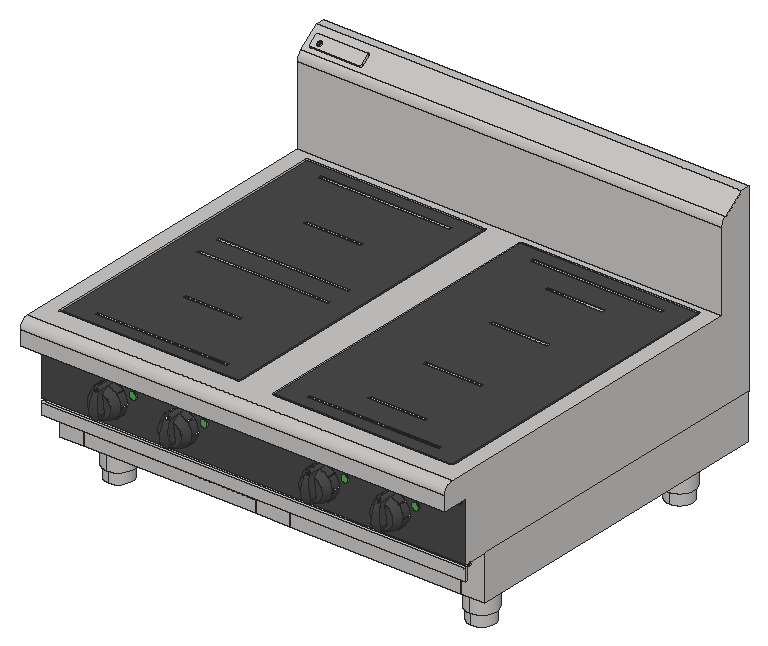
Revit family "QF_Moffat_INB8400R5F-B_Induction_Cooktop_cat", category Specialty Equipment, Revit 2019
Family settings
  Round Connector Dimension = Use Diameter
  Part Type = Normal
  Work Plane-Based = No
  Always vertical = Yes
  Cut with Voids When Loaded = No
  Shared = No
  Room Calculation Point = No
Parameters (values of type "INB8400R5F-B_415/60/3")
  Weight in Kilograms = 105
  Watts = 20000 W
  Volts = 415 V
  URL Cutsheet = ""
  Specification by User = ""
  Specification by Manufacturer = ""
  Show Logo [instance] = yes
  Serial Number = ""
  Seismic Rating = ""
  SMACNA No = ""
  Revision Code = ""
  Phase = 3
  Number of Poles = 1
  NAFEM Spec ID Number = ""
  Model = "INB8400R5F-B"
  Min Ckt Ampacity = 0 A
  Max Overcurrent Protection = 0 A
  Masterspec = ""
  Manufacturer = "Moffat"
  Length = 900 mm
  Item Number = ""
  Installed By = ""
  Identify Quantity as Lot = yes
  Height = 570 mm
  HP = ""
  Furnished By = ""
  Foodservice Equipment Identifier = yes
  FL Amps = 28 A
  Electrical Remarks = ""
  Electric Connection Type = ""
  Elec Conn RI Height = 0 mm
  Elec Conn Connection Height = 0 mm
  Description = "Induction Cooktop"
  Depth = 805 mm
  Cycle = 60 Hz
  Conn Plug = ""
  Conn Conduit = yes
  CSI MasterFormat = ""
  Apparent Power = if(Phase = 3, Volts * FL Amps * 1.73, Volts * FL Amps)  # 20102.6 VA
Reference planes
  plane 1 "BACK": y = 0
  plane 2: z = 0
  plane 3 "LEFT": x = 0
  plane 4 "RIGHT": x = 900
  plane 5 "FRONT": y = -805
  plane 6 "TOP": z = 570
  plane 7 "Center Y": x = 450
  plane 8 "Center X": y = -402.5
  plane 9: x = 65.5
  plane 10: y = -30
  plane 11: x = 770
  plane 12: z = 85
  plane 13: y = -100
  plane 14: y = -625
  plane 15: y = -70
  plane 16: z = 355
  plane 17: z = 75
  plane 18: x = 834.5
Forms (mm)
  Extrusion 1, solid, material "QF_Metal_Stainless_Polished"
    sketch origin (0, 0, 0) x (0, 1, 0) y (0, 0, 1)
      loop
        line (0, 180) -> (0, 570) -> (-18.182, 570) -> (-60.863, 538.99)
        arc (-60.863, 538.99) -> (-67.584, 531.121) -> (-70, 521.058) r 22.165
        line (-70, 521.058) -> (-70, 355) -> (-784.417, 355)
        arc (-784.417, 355) -> (-798.971, 348.971) -> (-805, 334.417) r 20.583
        line (-805, 334.417) -> (-805, 305) -> (-749, 305) -> (-749, 180) -> (0, 180)
    from 0 to 900
  Extrusion 2, void
    sketch origin (0, -784.171, 355) x (0, 1, 0) y (-1, 0, 0)
      loop
        arc (699.341, -37.323) -> (697.584, -33.08) -> (693.341, -31.323) r 6
        line (693.341, -31.323) -> (45.245, -31.323)
        arc (45.245, -31.323) -> (41.002, -33.08) -> (39.245, -37.323) r 6
        line (39.245, -37.323) -> (39.245, -410.105)
        arc (39.245, -410.105) -> (41.002, -414.347) -> (45.245, -416.105) r 6
        line (45.245, -416.105) -> (693.341, -416.105)
        arc (693.341, -416.105) -> (697.584, -414.347) -> (699.341, -410.105) r 6
        line (699.341, -410.105) -> (699.341, -37.323)
      loop
        line (699.341, -862.677) -> (699.341, -489.895)
        arc (699.341, -489.895) -> (697.584, -485.653) -> (693.341, -483.895) r 6
        line (693.341, -483.895) -> (45.245, -483.895)
        arc (45.245, -483.895) -> (41.002, -485.653) -> (39.245, -489.895) r 6
        line (39.245, -489.895) -> (39.245, -862.677)
        arc (39.245, -862.677) -> (41.002, -866.92) -> (45.245, -868.677) r 6
        line (45.245, -868.677) -> (693.341, -868.677)
        arc (693.341, -868.677) -> (697.584, -866.92) -> (699.341, -862.677) r 6
    from 0 to -9.5
  Extrusion 3, solid, material "QF_Plastic_Black_Smooth"
    sketch origin (0, -784.171, 355) x (0, 1, 0) y (-1, 0, 0)
      loop
        line (695.341, -410.105) -> (695.341, -37.323)
        arc (695.341, -37.323) -> (694.755, -35.908) -> (693.341, -35.323) r 2
        line (693.341, -35.323) -> (45.245, -35.323)
        arc (45.245, -35.323) -> (43.831, -35.908) -> (43.245, -37.323) r 2
        line (43.245, -37.323) -> (43.245, -410.105)
        arc (43.245, -410.105) -> (43.831, -411.519) -> (45.245, -412.105) r 2
        line (45.245, -412.105) -> (693.341, -412.105)
        arc (693.341, -412.105) -> (694.755, -411.519) -> (695.341, -410.105) r 2
      loop
        line (667.194, -86.598) -> (661.194, -86.598) -> (661.194, -363.75) -> (667.194, -363.75) -> (667.194, -86.598)
      loop
        line (526.611, -163.924) -> (526.611, -283.924) -> (532.611, -283.924) -> (532.611, -163.924) -> (526.611, -163.924)
      loop
        line (398.444, -86.598) -> (392.444, -86.598) -> (392.444, -363.75) -> (398.444, -363.75) -> (398.444, -86.598)
      loop
        line (345.944, -86.598) -> (339.944, -86.598) -> (339.944, -363.75) -> (345.944, -363.75) -> (345.944, -86.598)
      loop
        line (206.611, -163.924) -> (206.611, -283.924) -> (212.611, -283.924) -> (212.611, -163.924) -> (206.611, -163.924)
      loop
        line (77.194, -86.598) -> (71.194, -86.598) -> (71.194, -363.75) -> (77.194, -363.75) -> (77.194, -86.598)
      loop
        arc (695.341, -489.895) -> (694.755, -488.481) -> (693.341, -487.895) r 2
        line (693.341, -487.895) -> (45.245, -487.895)
        arc (45.245, -487.895) -> (43.831, -488.481) -> (43.245, -489.895) r 2
        line (43.245, -489.895) -> (43.245, -862.677)
        arc (43.245, -862.677) -> (43.831, -864.092) -> (45.245, -864.677) r 2
        line (45.245, -864.677) -> (693.341, -864.677)
        arc (693.341, -864.677) -> (694.755, -864.092) -> (695.341, -862.677) r 2
        line (695.341, -862.677) -> (695.341, -489.895)
      loop
        line (667.194, -813.402) -> (667.194, -536.25) -> (661.194, -536.25) -> (661.194, -813.402) -> (667.194, -813.402)
      loop
        line (601.611, -736.076) -> (607.611, -736.076) -> (607.611, -616.076) -> (601.611, -616.076) -> (601.611, -736.076)
      loop
        line (279.111, -736.076) -> (285.111, -736.076) -> (285.111, -616.076) -> (279.111, -616.076) -> (279.111, -736.076)
      loop
        line (77.194, -813.402) -> (77.194, -536.25) -> (71.194, -536.25) -> (71.194, -813.402) -> (77.194, -813.402)
      loop
        line (454.501, -736.076) -> (460.501, -736.076) -> (460.501, -616.076) -> (454.501, -616.076) -> (454.501, -736.076)
      loop
        line (131.211, -736.076) -> (137.211, -736.076) -> (137.211, -616.076) -> (131.211, -616.076) -> (131.211, -736.076)
    from 0 to -9.5
  Extrusion 4, solid, material "QF_Metal_Stainless_Polished"
    sketch origin (0, 0, 40) x (0, 1, 0) y (0, 0, 1)
      loop
        line (-739.467, 140) -> (-738.192, 134.838)
        arc (-738.192, 134.838) -> (-738.307, 134.302) -> (-738.799, 134.063) r 0.625
        line (-738.799, 134.063) -> (-746.111, 134.063)
        arc (-746.111, 134.063) -> (-748.011, 133.276) -> (-748.797, 131.377) r 2.686
        line (-748.797, 131.377) -> (-748.797, 107.627) -> (-747.197, 107.627) -> (-747.197, 131.242)
        arc (-747.197, 131.242) -> (-746.84, 132.105) -> (-745.976, 132.463) r 1.221
        line (-745.976, 132.463) -> (-738.755, 132.463)
        arc (-738.755, 132.463) -> (-737.028, 133.304) -> (-736.625, 135.182) r 2.194
        line (-736.625, 135.182) -> (-737.815, 140) -> (-739.467, 140)
    from 0 to 900
  Extrusion 5, solid, material "QF_Plastic_Black_Smooth"
    sketch origin (0, -749, 181.875) x (0, 0, 1) y (-1, 0, 0)
      loop
        circle (112.843, -13.157) r 5
      loop
        circle (112.843, -886.843) r 5
    from 0 to 1.6
  Extrusion 6, solid, material "QF_Metal_Stainless_Polished"
    sketch origin (450, -699, 85) x (0, 1, 0) y (1, 0, 0)
      loop
        circle (669, 320) r 6.35
    from 0 to 10
  Extrusion 7, solid, material "QF_Metal_Stainless_Polished"
    sketch origin (0, -699, 85) x (1, 0, 0) y (0, -1, 0)
      loop
        line (0, -699) -> (900, -699) -> (900, 0) -> (849.2, 0) -> (849.2, -25.4) -> (485.8, -25.4) -> (485.8, 0) -> (414.2, 0) -> (414.2, -25.4) -> (50.8, -25.4) -> (50.8, 0) -> (0, 0) -> (0, -699)
    from 0 to -95
  Extrusion 8, solid, material "QF_Metal_Stainless_Polished"
    sketch origin (50.8, -30, 85) x (0, 1, 0) y (0, 0, 1)
      loop
        line (-669, 0) -> (-643.6, 0) -> (-643.6, 26.45) -> (-669, 26.45) -> (-669, 0)
      loop
        line (-669, 32.45) -> (-643.6, 32.45) -> (-643.6, 66.4) -> (-669, 66.4) -> (-669, 32.45)
      loop
        line (-669, 67.4) -> (-643.6, 67.4) -> (-643.6, 95) -> (-669, 95) -> (-669, 67.4)
    from 0 to 363.4
  Revolve 9, solid, material "QF_Metal_Stainless_Polished"
    sketch origin (65.5, -4572, -304.8) x (0, 0, -1) y (0, -1, 0)
      loop
        line (-304.8, -4499.5) -> (-304.8, -4472) -> (-389.8, -4472) -> (-389.8, -4503.75) -> (-329.8, -4503.75) -> (-329.8, -4499.5) -> (-304.8, -4499.5)
      axis (-389.8, -4472) -> (-304.8, -4472)
    angle from 0 to 360
  Revolve 10, solid, material "QF_Metal_Stainless_Polished"
    sketch origin (65.5, -4572, -304.8) x (0, 0, -1) y (0, -1, 0)
      loop
        line (-304.8, -3974.5) -> (-304.8, -3947) -> (-389.8, -3947) -> (-389.8, -3978.75) -> (-329.8, -3978.75) -> (-329.8, -3974.5) -> (-304.8, -3974.5)
      axis (-389.8, -3947) -> (-304.8, -3947)
    angle from 0 to 360
  Revolve 11, solid, material "QF_Metal_Stainless_Polished"
    sketch origin (834.5, -4572, -304.8) x (0, 0, -1) y (0, 1, 0)
      loop
        line (-304.8, 4499.5) -> (-329.8, 4499.5) -> (-329.8, 4503.75) -> (-389.8, 4503.75) -> (-389.8, 4472) -> (-304.8, 4472) -> (-304.8, 4499.5)
      axis (-389.8, 4472) -> (-304.8, 4472)
    angle from 0 to 360
  Revolve 12, solid, material "QF_Metal_Stainless_Polished"
    sketch origin (834.5, -4572, -304.8) x (0, 0, -1) y (0, 1, 0)
      loop
        line (-304.8, 3974.5) -> (-329.8, 3974.5) -> (-329.8, 3978.75) -> (-389.8, 3978.75) -> (-389.8, 3947) -> (-304.8, 3947) -> (-304.8, 3974.5)
      axis (-389.8, 3947) -> (-304.8, 3947)
    angle from 0 to 360
  Extrusion 13, solid, material "QF_Metal_Stainless_Polished"
    sketch origin (900, 0, 0) x (-1, 0, 0) y (0, -1, 0)
      loop
        line (536.25, 122.976) -> (536.25, 116.976) -> (813.402, 116.976) -> (813.402, 122.976) -> (536.25, 122.976)
      loop
        line (736.076, 251.56) -> (736.076, 257.56) -> (616.076, 257.56) -> (616.076, 251.56) -> (736.076, 251.56)
      loop
        line (813.402, 385.726) -> (813.402, 391.726) -> (536.25, 391.726) -> (536.25, 385.726) -> (813.402, 385.726)
      loop
        line (813.402, 438.226) -> (813.402, 444.226) -> (536.25, 444.226) -> (536.25, 438.226) -> (813.402, 438.226)
      loop
        line (736.076, 571.56) -> (736.076, 577.56) -> (616.076, 577.56) -> (616.076, 571.56) -> (736.076, 571.56)
      loop
        line (536.25, 712.976) -> (536.25, 706.976) -> (813.402, 706.976) -> (813.402, 712.976) -> (536.25, 712.976)
      loop
        line (86.598, 712.976) -> (86.598, 706.976) -> (363.75, 706.976) -> (363.75, 712.976) -> (86.598, 712.976)
      loop
        line (163.924, 652.959) -> (163.924, 646.959) -> (283.924, 646.959) -> (283.924, 652.959) -> (163.924, 652.959)
      loop
        line (163.924, 505.06) -> (163.924, 499.06) -> (283.924, 499.06) -> (283.924, 505.06) -> (163.924, 505.06)
      loop
        line (163.924, 329.669) -> (163.924, 323.669) -> (283.924, 323.669) -> (283.924, 329.669) -> (163.924, 329.669)
      loop
        line (163.924, 182.56) -> (163.924, 176.56) -> (283.924, 176.56) -> (283.924, 182.56) -> (163.924, 182.56)
      loop
        line (86.598, 122.976) -> (86.598, 116.976) -> (363.75, 116.976) -> (363.75, 122.976) -> (86.598, 122.976)
    from 355 to 345.5
  Extrusion 14, solid, material "QF_Paint_Green"
    sketch origin (63.231, -748.999, 153.75) x (0, 0, 1) y (-1, 0, 0)
      loop
        circle (100.3, -282.5) r 7.15
    from 0 to 1.6
  Extrusion 15, solid, material "QF_Plastic_Black_Smooth"
    sketch origin (75, -748.999, 165.625) x (0, 0, 1) y (-1, 0, 0)
      loop
        circle (112.843, -225) r 5
    from 0 to 1.6
  Extrusion 16, solid, material "QF_Paint_Green"
    sketch origin (-86.769, -748.999, 153.75) x (0, 0, 1) y (-1, 0, 0)
      loop
        circle (100.3, -282.5) r 7.15
    from 0 to 1.6
  Extrusion 17, solid, material "QF_Plastic_Black_Smooth"
    sketch origin (-75, -748.999, 165.625) x (0, 0, 1) y (-1, 0, 0)
      loop
        circle (112.843, -225) r 5
    from 0 to 1.6
  Extrusion 18, solid, material "QF_Paint_Green"
    sketch origin (511.981, -748.999, 153.75) x (0, 0, 1) y (-1, 0, 0)
      loop
        circle (100.3, -282.5) r 7.15
    from 0 to 1.6
  Extrusion 19, solid, material "QF_Plastic_Black_Smooth"
    sketch origin (523.75, -748.999, 165.625) x (0, 0, 1) y (-1, 0, 0)
      loop
        circle (112.843, -225) r 5
    from 0 to 1.6
  Extrusion 20, solid, material "QF_Paint_Green"
    sketch origin (361.981, -748.999, 153.75) x (0, 0, 1) y (-1, 0, 0)
      loop
        circle (100.3, -282.5) r 7.15
    from 0 to 1.6
  Extrusion 21, solid, material "QF_Plastic_Black_Smooth"
    sketch origin (373.75, -748.999, 165.625) x (0, 0, 1) y (-1, 0, 0)
      loop
        circle (112.843, -225) r 5
    from 0 to 1.6
  Extrusion 22, solid, material "QF_Metal_Stainless_Polished"
    sketch origin (849.2, -30, 85) x (0, 1, 0) y (0, 0, -1)
      loop
        line (-669, 0) -> (-669, -26.45) -> (-643.6, -26.45) -> (-643.6, 0) -> (-669, 0)
      loop
        line (-669, -32.45) -> (-669, -66.4) -> (-643.6, -66.4) -> (-643.6, -32.45) -> (-669, -32.45)
      loop
        line (-669, -67.4) -> (-669, -95) -> (-643.6, -95) -> (-643.6, -67.4) -> (-669, -67.4)
    from 0 to 363.4
Cuts and joins
  Extrusion 2 cuts Extrusion 1
Lines and regions (mm)
  symbolic lines
    curve 1: line (0, 0, 0) -> (900, 0, 0)
    curve 2: line (0, -805, 0) -> (0, 0, 0)
    curve 3: line (900, -805, 0) -> (0, -805, 0)
    curve 4: line (900, 0, 0) -> (900, -805, 0)
    curve 5: line (0, -18.182, 0) -> (900, -18.182, 0)
    curve 6: line (0, -70, 0) -> (900, -70, 0)
    curve 7: line (37.323, -84.83, 0) -> (410.105, -84.83, 0)
    curve 8: arc (410.105, -84.83, 0) -> (414.347, -86.587, 0) -> (416.105, -90.83, 0) r 6
    curve 9: line (416.105, -90.83, 0) -> (416.105, -738.926, 0)
    curve 10: arc (416.105, -738.926, 0) -> (414.347, -743.168, 0) -> (410.105, -744.926, 0) r 6
    curve 11: line (410.105, -744.926, 0) -> (37.323, -744.926, 0)
    curve 12: arc (37.323, -744.926, 0) -> (33.08, -743.168, 0) -> (31.323, -738.926, 0) r 6
    curve 13: line (31.323, -738.926, 0) -> (31.323, -90.83, 0)
    curve 14: arc (31.323, -90.83, 0) -> (33.08, -86.587, 0) -> (37.323, -84.83, 0) r 6
    curve 15: line (410.105, -88.83, 0) -> (37.323, -88.83, 0)
    curve 16: arc (37.323, -88.83, 0) -> (35.908, -89.415, 0) -> (35.323, -90.83, 0) r 2
    curve 17: line (35.323, -90.83, 0) -> (35.323, -738.926, 0)
    curve 18: arc (35.323, -738.926, 0) -> (35.908, -740.34, 0) -> (37.323, -740.926, 0) r 2
    curve 19: line (37.323, -740.926, 0) -> (410.105, -740.926, 0)
    curve 20: arc (410.105, -740.926, 0) -> (411.519, -740.34, 0) -> (412.105, -738.926, 0) r 2
    curve 21: line (412.105, -738.926, 0) -> (412.105, -90.83, 0)
    curve 22: arc (412.105, -90.83, 0) -> (411.519, -89.415, 0) -> (410.105, -88.83, 0) r 2
    curve 23: line (416.105, -738.926, 0) -> (416.105, -90.83, 0)
    curve 24: line (412.105, -90.83, 0) -> (412.105, -738.926, 0)
    curve 25: line (862.677, -84.83, 0) -> (489.895, -84.83, 0)
    curve 26: arc (489.895, -84.83, 0) -> (485.653, -86.587, 0) -> (483.895, -90.83, 0) r 6
    curve 27: arc (483.895, -738.926, 0) -> (485.653, -743.168, 0) -> (489.895, -744.926, 0) r 6
    curve 28: line (489.895, -744.926, 0) -> (862.677, -744.926, 0)
    curve 29: arc (862.677, -744.926, 0) -> (866.92, -743.168, 0) -> (868.677, -738.926, 0) r 6
    curve 30: line (868.677, -738.926, 0) -> (868.677, -90.83, 0)
    curve 31: arc (868.677, -90.83, 0) -> (866.92, -86.587, 0) -> (862.677, -84.83, 0) r 6
    curve 32: line (489.895, -88.83, 0) -> (862.677, -88.83, 0)
    curve 33: arc (862.677, -88.83, 0) -> (864.092, -89.415, 0) -> (864.677, -90.83, 0) r 2
    curve 34: line (864.677, -90.83, 0) -> (864.677, -738.926, 0)
    curve 35: arc (864.677, -738.926, 0) -> (864.092, -740.34, 0) -> (862.677, -740.926, 0) r 2
    curve 36: line (862.677, -740.926, 0) -> (489.895, -740.926, 0)
    curve 37: arc (489.895, -740.926, 0) -> (488.481, -740.34, 0) -> (487.895, -738.926, 0) r 2
    curve 38: arc (487.895, -90.83, 0) -> (488.481, -89.415, 0) -> (489.895, -88.83, 0) r 2
    curve 39: line (487.895, -90.83, 0) -> (487.895, -738.926, 0)
    curve 40: arc (487.895, -738.926, 0) -> (488.481, -740.34, 0) -> (489.895, -740.926, 0) r 2
    curve 41: line (489.895, -740.926, 0) -> (862.677, -740.926, 0)
    curve 42: arc (862.677, -740.926, 0) -> (864.092, -740.34, 0) -> (864.677, -738.926, 0) r 2
    curve 43: line (864.677, -738.926, 0) -> (864.677, -90.83, 0)
    curve 44: arc (864.677, -90.83, 0) -> (864.092, -89.415, 0) -> (862.677, -88.83, 0) r 2
    curve 45: line (862.677, -88.83, 0) -> (489.895, -88.83, 0)
    curve 46: arc (489.895, -88.83, 0) -> (488.481, -89.415, 0) -> (487.895, -90.83, 0) r 2
    curve 47: line (483.895, -90.83, 0) -> (483.895, -738.926, 0)
    curve 48: arc (483.895, -738.926, 0) -> (485.653, -743.168, 0) -> (489.895, -744.926, 0) r 6
    curve 49: line (489.895, -744.926, 0) -> (862.677, -744.926, 0)
    curve 50: arc (862.677, -744.926, 0) -> (866.92, -743.168, 0) -> (868.677, -738.926, 0) r 6
    curve 51: line (868.677, -738.926, 0) -> (868.677, -90.83, 0)
    curve 52: arc (868.677, -90.83, 0) -> (866.92, -86.587, 0) -> (862.677, -84.83, 0) r 6
    curve 53: line (862.677, -84.83, 0) -> (489.895, -84.83, 0)
    curve 54: arc (489.895, -84.83, 0) -> (485.653, -86.587, 0) -> (483.895, -90.83, 0) r 6
    curve 55: line (86.598, -122.976, 0) -> (363.75, -122.976, 0)
    curve 56: line (363.75, -122.976, 0) -> (363.75, -116.976, 0)
    curve 57: line (363.75, -116.976, 0) -> (86.598, -116.976, 0)
    curve 58: line (86.598, -116.976, 0) -> (86.598, -122.976, 0)
    curve 59: line (283.924, -251.56, 0) -> (163.924, -251.56, 0)
    curve 60: line (163.924, -251.56, 0) -> (163.924, -257.56, 0)
    curve 61: line (163.924, -257.56, 0) -> (283.924, -257.56, 0)
    curve 62: line (283.924, -257.56, 0) -> (283.924, -251.56, 0)
    curve 63: line (536.25, -122.976, 0) -> (813.402, -122.976, 0)
    curve 64: line (813.402, -122.976, 0) -> (813.402, -116.976, 0)
    curve 65: line (813.402, -116.976, 0) -> (536.25, -116.976, 0)
    curve 66: line (536.25, -116.976, 0) -> (536.25, -122.976, 0)
    curve 67: line (736.076, -176.56, 0) -> (616.076, -176.56, 0)
    curve 68: line (616.076, -176.56, 0) -> (616.076, -182.56, 0)
    curve 69: line (616.076, -182.56, 0) -> (736.076, -182.56, 0)
    curve 70: line (736.076, -182.56, 0) -> (736.076, -176.56, 0)
    curve 71: line (736.076, -323.669, 0) -> (616.076, -323.669, 0)
    curve 72: line (616.076, -323.669, 0) -> (616.076, -329.669, 0)
    curve 73: line (616.076, -329.669, 0) -> (736.076, -329.669, 0)
    curve 74: line (736.076, -329.669, 0) -> (736.076, -323.669, 0)
    curve 75: line (736.076, -499.06, 0) -> (616.076, -499.06, 0)
    curve 76: line (616.076, -499.06, 0) -> (616.076, -505.06, 0)
    curve 77: line (616.076, -505.06, 0) -> (736.076, -505.06, 0)
    curve 78: line (736.076, -505.06, 0) -> (736.076, -499.06, 0)
    curve 79: line (736.076, -646.959, 0) -> (616.076, -646.959, 0)
    curve 80: line (616.076, -646.959, 0) -> (616.076, -652.959, 0)
    curve 81: line (616.076, -652.959, 0) -> (736.076, -652.959, 0)
    curve 82: line (736.076, -652.959, 0) -> (736.076, -646.959, 0)
    curve 83: line (813.402, -706.976, 0) -> (536.25, -706.976, 0)
    curve 84: line (536.25, -706.976, 0) -> (536.25, -712.976, 0)
    curve 85: line (536.25, -712.976, 0) -> (813.402, -712.976, 0)
    curve 86: line (813.402, -712.976, 0) -> (813.402, -706.976, 0)
    curve 87: line (86.598, -712.976, 0) -> (363.75, -712.976, 0)
    curve 88: line (363.75, -712.976, 0) -> (363.75, -706.976, 0)
    curve 89: line (363.75, -706.976, 0) -> (86.598, -706.976, 0)
    curve 90: line (86.598, -706.976, 0) -> (86.598, -712.976, 0)
    curve 91: line (283.924, -577.56, 0) -> (163.924, -577.56, 0)
    curve 92: line (163.924, -577.56, 0) -> (163.924, -571.56, 0)
    curve 93: line (163.924, -571.56, 0) -> (283.924, -571.56, 0)
    curve 94: line (283.924, -571.56, 0) -> (283.924, -577.56, 0)
    curve 95: line (86.598, -444.226, 0) -> (363.75, -444.226, 0)
    curve 96: line (363.75, -444.226, 0) -> (363.75, -438.226, 0)
    curve 97: line (363.75, -438.226, 0) -> (86.598, -438.226, 0)
    curve 98: line (86.598, -438.226, 0) -> (86.598, -444.226, 0)
    curve 99: line (86.598, -391.726, 0) -> (363.75, -391.726, 0)
    curve 100: line (363.75, -391.726, 0) -> (363.75, -385.726, 0)
    curve 101: line (363.75, -385.726, 0) -> (86.598, -385.726, 0)
    curve 102: line (86.598, -385.726, 0) -> (86.598, -391.726, 0)
Dimensions and locks
  equal spacing: plane 3 "LEFT", plane 7 "Center Y", plane 4 "RIGHT"
  "Length": plane 3 "LEFT" to plane 4 "RIGHT"
  equal spacing: plane 5 "FRONT", plane 8 "Center X", plane 1 "BACK"
  "Depth": plane 5 "FRONT" to plane 1 "BACK"
  "Height": plane 6 "TOP" to level
  plane 4 "RIGHT" to plane 3 "LEFT" = 900 mm
  plane 1 "BACK" to plane 5 "FRONT" = 805 mm
  plane 6 "TOP" to plane 2 = 570 mm
  locked: plane 11 to plane 4 "RIGHT" at 130
  plane 1 "BACK" to plane 10 = 30 mm
  plane 1 "BACK" to plane 13 to plane 14 = 100 mm, 525 mm
  plane 1 "BACK" to plane 15 = 70 mm
  plane 16 to level = 355 mm
  level to plane 12 = 85 mm
  plane 17 to level = 75 mm
  plane 11 to plane 4 "RIGHT" = 130 mm
  plane 18 to plane 9 = 769 mm
  locked: plane 4 "RIGHT" to plane 18 at 65.5
  aligned and locked: level to plane 2
  aligned and locked: plane 18 to Revolve 12
  aligned and locked: plane 18 to Revolve 11
  aligned and locked: Extrusion 7 sketch curve to plane 4 "RIGHT"
  aligned and locked: Extrusion 4 to plane 4 "RIGHT"
  aligned and locked: Extrusion 22 to Extrusion 7  (x2)
Automatic sketch dimensions
  Extrusion 1 sketch curve to plane 5 "FRONT" = 0 mm
  Extrusion 1 sketch curve to plane 16 = 0 mm
  Extrusion 1 sketch curve to plane 15 = 0 mm
  Extrusion 1 sketch curve to plane 6 "TOP" = 0 mm
  Extrusion 1 sketch curve to plane 1 "BACK" = 0 mm
  Extrusion 1 sketch curve to plane 5 "FRONT" = 20.583 mm
  Extrusion 1 sketch curve to plane 5 "FRONT" = 56 mm
  Extrusion 1 sketch curve to plane 15 = 9.137 mm
  plane 10 to Extrusion 1 sketch curve = 17.835 mm
  Extrusion 1 sketch curve to plane 10 = 11.818 mm
  Extrusion 1 sketch curve to Extrusion 1 sketch curve = 29.417 mm
  Extrusion 1 sketch curve to plane 12 = 95 mm
  Extrusion 1 sketch curve to plane 6 "TOP" = 48.942 mm
  Extrusion 4 sketch curve to plane 5 "FRONT" = 56.203 mm
  Extrusion 4 sketch curve to Extrusion 4 sketch curve = 1.6 mm
  Extrusion 4 sketch curve to Extrusion 4 sketch curve = 1.086 mm
  Extrusion 4 sketch curve to Extrusion 4 sketch curve = 0.135 mm  (x2)
  Extrusion 4 sketch curve to Extrusion 4 sketch curve = 6.644 mm
  Extrusion 4 sketch curve to Extrusion 4 sketch curve = 0.668 mm
  Extrusion 4 sketch curve to Extrusion 4 sketch curve = 0.044 mm
  Extrusion 4 sketch curve to Extrusion 4 sketch curve = 0.563 mm
  Extrusion 4 sketch curve to Extrusion 4 sketch curve = 1.652 mm
  Extrusion 4 sketch curve to Extrusion 4 sketch curve = 1.567 mm
  Extrusion 4 sketch curve to plane 12 = 62.627 mm
  Extrusion 4 sketch curve to Extrusion 4 sketch curve = 23.614 mm
  Extrusion 4 sketch curve to Extrusion 4 sketch curve = 0.594 mm
  Extrusion 4 sketch curve to Extrusion 4 sketch curve = 0.032 mm
  Extrusion 4 sketch curve to Extrusion 4 sketch curve = 5.162 mm
  Extrusion 1 to Extrusion 5 sketch curve = 10.282 mm  (x2)
  Extrusion 1 to Extrusion 5 sketch curve = 13.157 mm  (x2)
  plane 12 to Revolve 9 sketch curve = 0 mm
  Revolve 9 sketch curve to level = 0 mm  (x2)
  Revolve 9 sketch curve to plane 13 = 0 mm  (x2)
  plane 15 to Revolve 9 sketch curve = 2.5 mm
  level to Revolve 9 sketch curve = 25 mm
  Revolve 9 sketch curve to plane 15 = 1.75 mm
  Revolve 9 sketch curve to Revolve 9 sketch curve = 25 mm
  plane 12 to Revolve 10 sketch curve = 0 mm
  Revolve 10 sketch curve to level = 0 mm  (x2)
  Revolve 10 sketch curve to plane 14 = 0 mm  (x2)
  level to Revolve 10 sketch curve = 25 mm
  Revolve 10 sketch curve to Revolve 10 sketch curve = 27.5 mm
  Revolve 10 sketch curve to Revolve 10 sketch curve = 31.75 mm
  Revolve 10 sketch curve to Revolve 10 sketch curve = 25 mm
  plane 12 to Revolve 11 sketch curve = 0 mm
  Revolve 11 sketch curve to level = 0 mm  (x2)
  Revolve 11 sketch curve to plane 13 = 0 mm  (x2)
  plane 15 to Revolve 11 sketch curve = 2.5 mm
  Revolve 11 sketch curve to Revolve 11 sketch curve = 25 mm
  Revolve 11 sketch curve to plane 15 = 1.75 mm
  Revolve 11 sketch curve to level = 25 mm
  plane 12 to Revolve 12 sketch curve = 0 mm
  Revolve 12 sketch curve to level = 0 mm  (x2)
  Revolve 12 sketch curve to plane 14 = 0 mm  (x2)
  level to Revolve 12 sketch curve = 25 mm
  Revolve 12 sketch curve to plane 14 = 27.5 mm
  Revolve 12 sketch curve to Revolve 12 sketch curve = 4.25 mm
  Revolve 12 sketch curve to Revolve 12 sketch curve = 25 mm
  Extrusion 16 sketch curve to plane 16 = 100.95 mm
  Extrusion 16 sketch curve to plane 9 = 130.231 mm
  Extrusion 17 sketch curve to plane 16 = 76.532 mm
  Extrusion 17 sketch curve to plane 9 = 84.5 mm
  Extrusion 18 sketch curve to plane 11 = 24.481 mm
  Extrusion 18 sketch curve to plane 16 = 100.95 mm
  Extrusion 19 sketch curve to plane 16 = 76.532 mm
  plane 11 to Extrusion 19 sketch curve = 21.25 mm
  plane 12 to Extrusion 22 sketch curve = 0 mm
  plane 14 to Extrusion 22 sketch curve = 74 mm
  Extrusion 22 sketch curve to Extrusion 22 sketch curve = 0 mm  (x4)
  Extrusion 22 sketch curve to Extrusion 22 sketch curve = 25.4 mm
  Extrusion 22 sketch curve to plane 12 = 26.45 mm
  Extrusion 22 sketch curve to Extrusion 22 sketch curve = 6 mm
  Extrusion 22 sketch curve to Extrusion 22 sketch curve = 33.95 mm
  Extrusion 22 sketch curve to Extrusion 22 sketch curve = 1 mm
  Extrusion 22 sketch curve to Extrusion 22 sketch curve = 27.6 mm
  Extrusion 7 to Extrusion 6 sketch curve = 30 mm
  Extrusion 6 sketch curve to Extrusion 7 = 79.2 mm
  Extrusion 7 sketch curve to plane 3 "LEFT" = 0 mm
  plane 1 "BACK" to Extrusion 7 sketch curve = 0 mm
  plane 9 to Extrusion 7 sketch curve = 14.7 mm
  Extrusion 7 sketch curve to plane 7 "Center Y" = 35.8 mm
  plane 7 "Center Y" to Extrusion 7 sketch curve = 35.8 mm
  plane 18 to Extrusion 7 sketch curve = 14.7 mm
  plane 14 to Extrusion 7 sketch curve = 48.6 mm  (x2)
  Extrusion 7 sketch curve to Extrusion 7 sketch curve = 25.4 mm  (x3)
  Extrusion 8 sketch curve to Extrusion 7 = 0 mm  (x8)
  Extrusion 7 to Extrusion 8 sketch curve = 26.45 mm
  Extrusion 8 sketch curve to Extrusion 8 sketch curve = 6 mm
  Extrusion 7 to Extrusion 8 sketch curve = 28.6 mm
  Extrusion 8 sketch curve to Extrusion 8 sketch curve = 1 mm
  Extrusion 14 sketch curve to plane 7 "Center Y" = 104.269 mm
  Extrusion 14 sketch curve to plane 16 = 100.95 mm
  Extrusion 15 sketch curve to plane 16 = 76.532 mm
  Extrusion 15 sketch curve to plane 7 "Center Y" = 150 mm
  Extrusion 20 sketch curve to plane 16 = 100.95 mm
  plane 7 "Center Y" to Extrusion 20 sketch curve = 194.481 mm
  Extrusion 21 sketch curve to plane 16 = 76.532 mm
  plane 7 "Center Y" to Extrusion 21 sketch curve = 148.75 mm
  Extrusion 2 sketch curve to Extrusion 1 = 39.492 mm  (x2)
  Extrusion 2 sketch curve to Extrusion 2 sketch curve = 6 mm  (x6)
  Extrusion 1 to Extrusion 2 sketch curve = 20.83 mm  (x4)
  Extrusion 1 to Extrusion 2 sketch curve = 31.323 mm
  Extrusion 2 sketch curve to Extrusion 2 sketch curve = 372.782 mm
  Extrusion 2 sketch curve to Extrusion 2 sketch curve = 67.791 mm
  Extrusion 1 to Extrusion 2 sketch curve = 37.323 mm
  Extrusion 3 sketch curve to Extrusion 1 = 43.492 mm  (x2)
  Extrusion 3 sketch curve to Extrusion 3 sketch curve = 2 mm  (x6)
  Extrusion 3 sketch curve to Extrusion 3 sketch curve = 25.949 mm  (x2)
  Extrusion 3 sketch curve to Extrusion 3 sketch curve = 6 mm  (x12)
  Extrusion 3 sketch curve to Extrusion 3 sketch curve = 54.017 mm
  Extrusion 3 sketch curve to Extrusion 3 sketch curve = 129.416 mm
  Extrusion 3 sketch curve to Extrusion 3 sketch curve = 141.899 mm
  Extrusion 3 sketch curve to Extrusion 3 sketch curve = 127.334 mm
  Extrusion 3 sketch curve to Extrusion 3 sketch curve = 46.5 mm
  Extrusion 3 sketch curve to Extrusion 3 sketch curve = 169.391 mm
  Extrusion 3 sketch curve to Extrusion 3 sketch curve = 128.166 mm
  Extrusion 1 to Extrusion 3 sketch curve = 112.56 mm
  Extrusion 1 to Extrusion 3 sketch curve = 52.976 mm  (x2)
  Extrusion 1 to Extrusion 3 sketch curve = 20.83 mm  (x4)
  Extrusion 1 to Extrusion 3 sketch curve = 35.323 mm
  Extrusion 3 sketch curve to Extrusion 3 sketch curve = 49.275 mm  (x2)
  Extrusion 3 sketch curve to Extrusion 3 sketch curve = 77.326 mm  (x2)
  Extrusion 1 to Extrusion 3 sketch curve = 163.924 mm
  Extrusion 3 sketch curve to Extrusion 3 sketch curve = 0 mm  (x3)
  Extrusion 3 sketch curve to Extrusion 3 sketch curve = 120 mm  (x6)
  Extrusion 3 sketch curve to Extrusion 3 sketch curve = 79.826 mm  (x4)
  Extrusion 3 sketch curve to Extrusion 3 sketch curve = 46.355 mm  (x3)
  Extrusion 3 sketch curve to Extrusion 3 sketch curve = 75.791 mm
  Extrusion 3 sketch curve to Extrusion 3 sketch curve = 252.326 mm
  Extrusion 1 to Extrusion 3 sketch curve = 86.598 mm  (x3)
  Extrusion 1 to Extrusion 3 sketch curve = 37.323 mm
  Extrusion 13 sketch curve to plane 13 = 22.976 mm
  plane 7 "Center Y" to Extrusion 13 sketch curve = 86.25 mm  (x3)
  plane 9 to Extrusion 13 sketch curve = 21.098 mm  (x4)
  Extrusion 13 sketch curve to Extrusion 13 sketch curve = 6 mm  (x11)
  Extrusion 13 sketch curve to Extrusion 13 sketch curve = 79.826 mm  (x3)
  plane 9 to Extrusion 13 sketch curve = 98.424 mm  (x2)
  Extrusion 13 sketch curve to Extrusion 13 sketch curve = 128.584 mm
  Extrusion 13 sketch curve to plane 8 "Center X" = 16.774 mm
  Extrusion 13 sketch curve to Extrusion 13 sketch curve = 0 mm
  plane 8 "Center X" to Extrusion 13 sketch curve = 35.726 mm
  plane 14 to Extrusion 13 sketch curve = 53.44 mm
  plane 14 to Extrusion 13 sketch curve = 47.44 mm
  Extrusion 13 sketch curve to plane 14 = 81.976 mm
  Extrusion 13 sketch curve to plane 7 "Center Y" = 86.25 mm  (x2)
  plane 18 to Extrusion 13 sketch curve = 21.098 mm  (x2)
  Extrusion 13 sketch curve to plane 14 = 87.976 mm
  Extrusion 13 sketch curve to plane 11 = 33.924 mm  (x4)
  Extrusion 13 sketch curve to plane 14 = 27.959 mm
  Extrusion 13 sketch curve to Extrusion 13 sketch curve = 120 mm  (x3)
  plane 8 "Center X" to Extrusion 13 sketch curve = 102.56 mm
  Extrusion 13 sketch curve to plane 8 "Center X" = 72.831 mm
  Extrusion 13 sketch curve to plane 13 = 82.56 mm
  Extrusion 13 sketch curve to plane 13 = 16.976 mm
  curve 8 to curve 22 = 0 mm
  curve 10 to curve 20 = 0 mm  (x2)
  curve 12 to curve 18 = 0 mm  (x2)
  curve 14 to curve 16 = 0 mm  (x2)
  curve 27 to curve 37 = 0 mm
  curve 27 to curve 40 = 0 mm
  curve 29 to curve 35 = 0 mm
  curve 33 to curve 52 = 0 mm
  curve 42 to curve 50 = 0 mm
  curve 44 to curve 52 = 0 mm
  curve 46 to curve 54 = 0 mm
  plane 1 "BACK" to curve 1 = 0 mm
  curve 1 to plane 3 "LEFT" = 0 mm
  curve 6 to plane 4 "RIGHT" = 0 mm
  plane 5 "FRONT" to curve 3 = 0 mm
  plane 15 to curve 6 = 0 mm
  plane 3 "LEFT" to curve 13 = 31.323 mm
  curve 13 to curve 17 = 4 mm
  curve 16 to curve 16 = 2 mm
  curve 17 to curve 18 = 2 mm
  curve 102 to plane 9 = 21.098 mm
  curve 57 to plane 9 = 21.098 mm
  curve 87 to plane 9 = 21.098 mm
  curve 95 to plane 9 = 21.098 mm
  curve 91 to plane 14 = 47.44 mm
  curve 91 to plane 9 = 98.424 mm
  curve 60 to plane 9 = 98.424 mm
  curve 60 to curve 61 = 120 mm
  curve 93 to plane 14 = 53.44 mm
  curve 92 to curve 93 = 120 mm
  curve 96 to plane 8 "Center X" = 41.726 mm
  curve 96 to plane 7 "Center Y" = 86.25 mm
  plane 8 "Center X" to curve 99 = 10.774 mm
  curve 99 to curve 96 = 0 mm
  plane 13 to curve 56 = 16.976 mm
  curve 56 to plane 7 "Center Y" = 86.25 mm
  curve 89 to plane 7 "Center Y" = 86.25 mm
  curve 8 to plane 13 = 9.17 mm
  curve 8 to plane 7 "Center Y" = 39.895 mm
  curve 10 to plane 7 "Center Y" = 39.895 mm
  curve 8 to curve 21 = 2 mm
  plane 7 "Center Y" to curve 47 = 33.895 mm
  curve 27 to curve 39 = 4 mm
  curve 46 to curve 45 = 2 mm
  curve 37 to curve 36 = 2 mm
  plane 13 to curve 66 = 22.976 mm
  curve 46 to curve 66 = 46.355 mm
  curve 27 to curve 85 = 46.355 mm
  curve 63 to curve 67 = 79.826 mm
  plane 11 to curve 77 = 153.924 mm
  plane 14 to curve 80 = 21.959 mm
  curve 83 to curve 80 = 79.826 mm
  plane 8 "Center X" to curve 73 = 72.831 mm
  curve 73 to curve 68 = 0 mm
  plane 11 to curve 77 = 33.924 mm
  plane 11 to curve 67 = 33.924 mm
  plane 11 to curve 71 = 33.924 mm
  plane 11 to curve 81 = 33.924 mm
  curve 63 to plane 18 = 21.098 mm
  curve 85 to plane 18 = 21.098 mm
  plane 18 to curve 42 = 28.177 mm
  curve 32 to plane 13 = 11.17 mm
  plane 18 to curve 32 = 28.177 mm
  curve 31 to curve 34 = 2 mm
  curve 49 to plane 5 "FRONT" = 60.074 mm
  curve 11 to plane 5 "FRONT" = 60.074 mm
  curve 27 to curve 84 = 25.949 mm
  curve 10 to curve 87 = 25.949 mm
  curve 85 to curve 83 = 6 mm
  curve 87 to curve 90 = 6 mm
  curve 81 to curve 79 = 6 mm
  curve 78 to plane 8 "Center X" = 102.56 mm
  curve 77 to curve 75 = 6 mm
  curve 95 to curve 98 = 6 mm
  curve 99 to curve 100 = 6 mm
  curve 73 to curve 74 = 6 mm
  plane 8 "Center X" to curve 62 = 144.94 mm
  curve 61 to curve 62 = 6 mm
  plane 13 to curve 70 = 82.56 mm
  curve 68 to curve 68 = 6 mm
  curve 58 to curve 57 = 6 mm
  curve 63 to curve 65 = 6 mm
  curve 5 to plane 10 = 11.818 mm
  radius of Extrusion 5 sketch curve = 5 mm  (x2)
  radius of Extrusion 16 sketch curve = 7.15 mm
  radius of Extrusion 17 sketch curve = 5 mm
  radius of Extrusion 18 sketch curve = 7.15 mm
  radius of Extrusion 19 sketch curve = 5 mm
  radius of Extrusion 6 sketch curve = 6.35 mm
  radius of Extrusion 14 sketch curve = 7.15 mm
  radius of Extrusion 15 sketch curve = 5 mm
  radius of Extrusion 20 sketch curve = 7.15 mm
  radius of Extrusion 21 sketch curve = 5 mm
Nested families
  nested 1: "QF_LOGO_Waldorf" at (12, -52.35, 545.175), visible <- "Show Logo", type "QF_LOGO_Waldorf"
  nested 2: "Knob" at (267.5, -739.499, 200.75), type "Knob"
  nested 3: "Knob" at (117.5, -739.499, 200.75), type "Knob"
  nested 4: "Knob" at (716.25, -739.499, 200.75), type "Knob"
  nested 5: "Knob" at (566.25, -739.499, 200.75), type "Knob"
Connectors
  electrical at (770, -30, 75), driven by "Volts", driven by "Watts"
    settings: on Extrusion 6, index 3, voltage 415 V, apparent load 20000 VA, apparent load phase1 0 VA, apparent load phase2 0 VA, apparent load phase3 0 VA, power factor 1, load classification "Other", number of poles 1, system type 30, power factor state 1, is connector primary yes, connector utility no, sub classification motor no, connector description "ELECTRICAL CONNECTION"
Definition of nested family "QF_LOGO_Waldorf"
  Parameters (values of type "QF_LOGO_Waldorf")
    Weight in Pounds = 0
    URL Cutsheet = ""
    Specification by User = ""
    Specification by Manufacturer = ""
    Serial Number = ""
    Seismic Rating = ""
    SMACNA No = ""
    Revision Code = ""
    NAFEM Spec ID Number = ""
    Masterspec = ""
    Length = 138 mm
    Item Number = ""
    Installed By = ""
    Identify Quantity as Lot = yes
    Height = 26.711 mm
    Furnished By = ""
    Foodservice Equipment Identifier = yes
    Depth = 3.175 mm
    CSI MasterFormat = ""
  Reference planes
    plane 1 "BACK": y = 0
    plane 2: z = 0
    plane 3 "LEFT": x = 0
    plane 4 "RIGHT": x = 138
    plane 5 "FRONT": y = -3.175
    plane 6 "TOP": z = 26.711
    plane 7 "Center Y": x = 69
    plane 8 "Center X": y = -1.587
  Forms (mm)
    Extrusion 1, solid
      sketch origin (0, 0, 0) x (1, 0, 0) y (0, 0.809017, 0.587785)
        loop
          line (109, 3.464) -> (109, 23.247)
          spline (109, 23.247) -> (108.966, 23.699) -> (108.864, 24.143) -> (108.696, 24.572) -> (108.464, 24.979) -> (108.173, 25.355) -> (107.828, 25.696) -> (107.435, 25.995) -> (107, 26.247) -> (106.531, 26.447) -> (106.035, 26.593) -> (105.522, 26.681) -> (105, 26.711)
          line (105, 26.711) -> (4, 26.711)
          spline (4, 26.711) -> (3.478, 26.681) -> (2.965, 26.593) -> (2.469, 26.447) -> (2, 26.247) -> (1.565, 25.995) -> (1.172, 25.696) -> (0.827, 25.355) -> (0.536, 24.979) -> (0.304, 24.572) -> (0.136, 24.143) -> (0.034, 23.699) -> (0, 23.247)
          line (0, 23.247) -> (0, 3.464)
          spline (0, 3.464) -> (0.034, 3.012) -> (0.136, 2.568) -> (0.304, 2.138) -> (0.536, 1.732) -> (0.827, 1.355) -> (1.172, 1.015) -> (1.565, 0.716) -> (2, 0.464) -> (2.469, 0.264) -> (2.965, 0.118) -> (3.478, 0.03) -> (4, 0)
          line (4, 0) -> (105, 0)
          spline (105, 0) -> (105.522, 0.03) -> (106.035, 0.118) -> (106.531, 0.264) -> (107, 0.464) -> (107.435, 0.716) -> (107.828, 1.015) -> (108.173, 1.355) -> (108.464, 1.732) -> (108.696, 2.138) -> (108.864, 2.568) -> (108.966, 3.012) -> (109, 3.464)
        loop
          line (14.75, 7.005) -> (14.75, 15.654)
          arc (14.75, 15.654) -> (10.425, 11.329) -> (14.75, 7.005) r 4.325
        loop
          line (15.25, 15.654) -> (15.25, 7.005)
          arc (15.25, 7.005) -> (19.575, 11.329) -> (15.25, 15.654) r 4.325
      from 0 to 3.2
    Extrusion 2, solid
      sketch origin (0, 0, 0) x (1, 0, 0) y (0, 0.809017, 0.587785)
        loop
          line (15.25, 15.654) -> (15.25, 7.005)
          arc (15.25, 7.005) -> (19.575, 11.329) -> (15.25, 15.654) r 4.325
      from 0 to 3.2
    Extrusion 3, solid
      sketch origin (16.271, 0, 0) x (-1, 0, 0) y (0, -0.809017, -0.587785)
        loop
          arc (1.521, -15.654) -> (5.846, -11.329) -> (1.521, -7.005) r 4.325
          line (1.521, -7.005) -> (1.521, -15.654)
      from 0 to 3.2
  Lines and regions (mm)
    Split face 1
      outline origin (0, -1.881, 2.589) x (1, 0, 0) y (0, 0.809017, 0.587785)
        loop
          spline (22.129, 16.975) -> (22.389, 15.984) -> (22.649, 15.002) -> (22.91, 14.028) -> (23.172, 13.065) -> (23.433, 12.11) -> (23.695, 11.166) -> (23.956, 10.232) -> (24.218, 9.308) -> (24.479, 8.396) -> (24.74, 7.495) -> (25, 6.605) -> (25.26, 5.728)
          line (25.26, 5.728) -> (29.463, 5.728)
          spline (29.463, 5.728) -> (29.582, 6.252) -> (29.701, 6.78) -> (29.82, 7.313) -> (29.939, 7.85) -> (30.058, 8.391) -> (30.178, 8.936) -> (30.297, 9.485) -> (30.416, 10.038) -> (30.536, 10.594) -> (30.655, 11.155) -> (30.775, 11.719) -> (30.894, 12.287)
          spline (30.894, 12.287) -> (31.018, 11.719) -> (31.142, 11.155) -> (31.266, 10.594) -> (31.39, 10.038) -> (31.514, 9.485) -> (31.638, 8.936) -> (31.762, 8.391) -> (31.885, 7.85) -> (32.009, 7.313) -> (32.133, 6.78) -> (32.256, 6.252) -> (32.379, 5.728)
          line (32.379, 5.728) -> (36.51, 5.728)
          spline (36.51, 5.728) -> (36.766, 6.605) -> (37.023, 7.495) -> (37.28, 8.396) -> (37.538, 9.308) -> (37.795, 10.232) -> (38.053, 11.166) -> (38.311, 12.11) -> (38.569, 13.065) -> (38.826, 14.028) -> (39.083, 15.002) -> (39.34, 15.984) -> (39.597, 16.975)
          line (39.597, 16.975) -> (35.637, 16.975)
          spline (35.637, 16.975) -> (35.523, 16.334) -> (35.41, 15.697) -> (35.296, 15.063) -> (35.182, 14.433) -> (35.068, 13.807) -> (34.954, 13.185) -> (34.84, 12.566) -> (34.726, 11.952) -> (34.612, 11.342) -> (34.497, 10.737) -> (34.383, 10.135) -> (34.269, 9.538)
          spline (34.269, 9.538) -> (34.138, 10.135) -> (34.008, 10.737) -> (33.877, 11.342) -> (33.746, 11.952) -> (33.616, 12.566) -> (33.485, 13.185) -> (33.354, 13.807) -> (33.224, 14.433) -> (33.093, 15.063) -> (32.963, 15.697) -> (32.833, 16.334) -> (32.703, 16.975)
          line (32.703, 16.975) -> (29.247, 16.975)
          spline (29.247, 16.975) -> (29.111, 16.334) -> (28.974, 15.697) -> (28.837, 15.063) -> (28.7, 14.433) -> (28.562, 13.807) -> (28.425, 13.185) -> (28.288, 12.566) -> (28.15, 11.952) -> (28.013, 11.342) -> (27.875, 10.737) -> (27.738, 10.135) -> (27.6, 9.538)
          spline (27.6, 9.538) -> (27.483, 10.135) -> (27.366, 10.737) -> (27.249, 11.342) -> (27.132, 11.952) -> (27.015, 12.566) -> (26.897, 13.185) -> (26.78, 13.807) -> (26.663, 14.433) -> (26.546, 15.063) -> (26.43, 15.697) -> (26.313, 16.334) -> (26.196, 16.975)
          line (26.196, 16.975) -> (22.129, 16.975)
    Split face 2
      outline origin (0, -1.881, 2.589) x (1, 0, 0) y (0, 0.809017, 0.587785)
        loop
          line (51.449, 5.728) -> (51.035, 6.606) -> (51.035, 11.169)
          spline (51.035, 11.169) -> (50.686, 12.42) -> (50.176, 13.224) -> (49.51, 13.708) -> (48.693, 13.995) -> (47.747, 14.152) -> (46.698, 14.207) -> (45.579, 14.186) -> (44.419, 14.114) -> (43.279, 13.929) -> (42.249, 13.481) -> (41.424, 12.614) -> (40.897, 11.169)
          line (40.897, 11.169) -> (44.617, 11.169) -> (44.988, 11.965)
          spline (44.988, 11.965) -> (47.294, 11.682) -> (46.856, 10.932) -> (45.527, 10.609) -> (43.858, 10.439) -> (42.259, 10.123) -> (41.078, 9.417) -> (40.563, 8.246) -> (40.689, 6.989) -> (41.407, 6.052) -> (42.774, 5.536) -> (44.847, 5.497) -> (47.306, 6.602)
          line (47.306, 6.602) -> (47.624, 5.728) -> (51.449, 5.728)
    Split face 3
      outline origin (0, -1.881, 2.589) x (1, 0, 0) y (0, 0.809017, 0.587785)
        loop
          line (47.264, 9.264) -> (44.938, 8.597)
          spline (44.938, 8.597) -> (44.508, 8.228) -> (44.402, 7.9) -> (44.548, 7.626) -> (44.877, 7.42) -> (45.317, 7.295) -> (45.797, 7.265) -> (46.252, 7.342) -> (46.65, 7.525) -> (46.971, 7.813) -> (47.194, 8.201) -> (47.298, 8.685) -> (47.264, 9.264)
    Split face 4
      outline origin (0, -1.881, 2.589) x (1, 0, 0) y (0, 0.809017, 0.587785)
        loop
          line (53.33, 16.975) -> (53.33, 5.728) -> (57.173, 5.728) -> (57.173, 16.975) -> (53.33, 16.975)
    Split face 5
      outline origin (0, -1.881, 2.589) x (1, 0, 0) y (0, 0.809017, 0.587785)
        loop
          line (65.795, 16.975) -> (65.795, 12.976)
          spline (65.795, 12.976) -> (63.839, 14.082) -> (62.087, 14.096) -> (60.633, 13.343) -> (59.574, 12.148) -> (58.99, 10.806) -> (58.867, 9.452) -> (59.156, 8.159) -> (59.81, 7) -> (60.786, 6.056) -> (62.111, 5.514) -> (63.868, 5.634) -> (66.137, 6.679)
          line (66.137, 6.679) -> (66.137, 5.728) -> (69.511, 5.728) -> (69.511, 16.975) -> (65.795, 16.975)
    Split face 6
      outline origin (0, -1.881, 2.589) x (1, 0, 0) y (0, 0.809017, 0.587785)
        loop
          spline (64.273, 7.499) -> (64.754, 7.57) -> (65.202, 7.777) -> (65.587, 8.106) -> (65.882, 8.535) -> (66.067, 9.034) -> (66.131, 9.57) -> (66.067, 10.106) -> (65.882, 10.605) -> (65.587, 11.034) -> (65.202, 11.363) -> (64.754, 11.57) -> (64.273, 11.64)
          spline (64.273, 11.64) -> (63.793, 11.57) -> (63.345, 11.363) -> (62.96, 11.034) -> (62.665, 10.605) -> (62.479, 10.106) -> (62.416, 9.57) -> (62.479, 9.034) -> (62.665, 8.535) -> (62.96, 8.106) -> (63.345, 7.777) -> (63.793, 7.57) -> (64.273, 7.499)
    Split face 7
      outline origin (0, -1.881, 2.589) x (1, 0, 0) y (0, 0.809017, 0.587785)
        loop
          spline (76.449, 5.305) -> (77.855, 5.457) -> (79.166, 5.901) -> (80.291, 6.607) -> (81.155, 7.527) -> (81.698, 8.599) -> (81.883, 9.749) -> (81.698, 10.899) -> (81.155, 11.97) -> (80.291, 12.891) -> (79.166, 13.597) -> (77.855, 14.041) -> (76.449, 14.192)
          spline (76.449, 14.192) -> (75.042, 14.041) -> (73.731, 13.597) -> (72.606, 12.891) -> (71.742, 11.97) -> (71.199, 10.899) -> (71.014, 9.749) -> (71.199, 8.599) -> (71.742, 7.527) -> (72.606, 6.607) -> (73.731, 5.901) -> (75.042, 5.457) -> (76.449, 5.305)
    Split face 8
      outline origin (0, -1.881, 2.589) x (1, 0, 0) y (0, 0.809017, 0.587785)
        loop
          spline (76.449, 7.654) -> (76.841, 7.725) -> (77.206, 7.934) -> (77.52, 8.267) -> (77.76, 8.701) -> (77.912, 9.206) -> (77.963, 9.749) -> (77.912, 10.291) -> (77.76, 10.796) -> (77.52, 11.23) -> (77.206, 11.563) -> (76.841, 11.772) -> (76.449, 11.843)
          spline (76.449, 11.843) -> (76.057, 11.772) -> (75.691, 11.563) -> (75.378, 11.23) -> (75.137, 10.796) -> (74.986, 10.291) -> (74.934, 9.749) -> (74.986, 9.206) -> (75.137, 8.701) -> (75.378, 8.267) -> (75.691, 7.934) -> (76.057, 7.725) -> (76.449, 7.654)
    Split face 9
      outline origin (0, -1.881, 2.589) x (1, 0, 0) y (0, 0.809017, 0.587785)
        loop
          line (86.998, 12.335) -> (86.998, 13.879) -> (83.479, 13.879) -> (83.479, 5.728) -> (87.312, 5.728) -> (87.312, 8.975)
          spline (87.312, 8.975) -> (87.364, 9.356) -> (87.458, 9.686) -> (87.594, 9.968) -> (87.769, 10.204) -> (87.982, 10.398) -> (88.229, 10.55) -> (88.509, 10.666) -> (88.82, 10.746) -> (89.16, 10.794) -> (89.525, 10.812) -> (89.915, 10.803) -> (90.327, 10.77)
          line (90.327, 10.77) -> (90.327, 14.113)
          spline (90.327, 14.113) -> (89.929, 14.127) -> (89.552, 14.111) -> (89.197, 14.066) -> (88.865, 13.991) -> (88.554, 13.887) -> (88.266, 13.754) -> (87.999, 13.591) -> (87.755, 13.399) -> (87.532, 13.177) -> (87.332, 12.926) -> (87.154, 12.645) -> (86.998, 12.335)
    Split face 10
      outline origin (0, -1.881, 2.589) x (1, 0, 0) y (0, 0.809017, 0.587785)
        loop
          line (92.082, 13.879) -> (90.894, 13.879) -> (90.894, 11.972) -> (92.082, 11.972) -> (92.082, 5.728) -> (95.871, 5.728) -> (95.871, 11.972) -> (97.5, 11.972) -> (97.5, 13.879) -> (95.871, 13.879)
          spline (95.871, 13.879) -> (95.843, 14.088) -> (95.845, 14.278) -> (95.877, 14.447) -> (95.939, 14.596) -> (96.03, 14.726) -> (96.151, 14.835) -> (96.301, 14.925) -> (96.482, 14.995) -> (96.692, 15.045) -> (96.931, 15.075) -> (97.201, 15.085) -> (97.5, 15.076)
          line (97.5, 15.076) -> (97.5, 17.266) -> (95.367, 17.266)
          spline (95.367, 17.266) -> (94.982, 17.253) -> (94.58, 17.21) -> (94.174, 17.132) -> (93.774, 17.013) -> (93.39, 16.846) -> (93.034, 16.627) -> (92.717, 16.349) -> (92.448, 16.007) -> (92.24, 15.595) -> (92.102, 15.106) -> (92.046, 14.537) -> (92.082, 13.879)
  Dimensions and locks
    equal spacing: plane 3 "LEFT", plane 7 "Center Y", plane 4 "RIGHT"
    "Length": plane 3 "LEFT" to plane 4 "RIGHT"
    equal spacing: plane 5 "FRONT", plane 8 "Center X", plane 1 "BACK"
    "Depth": plane 5 "FRONT" to plane 1 "BACK"
    "Height": plane 6 "TOP" to level
    plane 4 "RIGHT" to plane 3 "LEFT" = 138 mm
    aligned and locked: level to plane 2
  Automatic sketch dimensions
    Extrusion 1 sketch curve to plane 3 "LEFT" = 0 mm
    plane 3 "LEFT" to Extrusion 1 sketch curve = 4 mm  (x2)
    Extrusion 1 sketch curve to Extrusion 1 sketch curve = 10.75 mm
    Extrusion 1 sketch curve to Extrusion 1 sketch curve = 0.5 mm
    plane 4 "RIGHT" to Extrusion 1 sketch curve = 33 mm
    Extrusion 1 sketch curve to Extrusion 1 sketch curve = 0 mm  (x3)
    Extrusion 1 sketch curve to Extrusion 1 sketch curve = 4 mm
    Extrusion 1 sketch curve to Extrusion 1 sketch curve = 3.464 mm  (x3)
    Extrusion 1 sketch curve to Extrusion 1 sketch curve = 3.541 mm
    Extrusion 1 sketch curve to Extrusion 1 sketch curve = 4.325 mm
    Extrusion 1 sketch curve to Extrusion 1 sketch curve = 19.783 mm
    Extrusion 1 sketch curve to Extrusion 1 sketch curve = 7.592 mm
    plane 3 "LEFT" to Extrusion 2 sketch curve = 15.25 mm
    Extrusion 2 sketch curve to Extrusion 2 sketch curve = 4.325 mm
    plane 3 "LEFT" to Extrusion 3 sketch curve = 14.75 mm
    Extrusion 3 sketch curve to Extrusion 3 sketch curve = 4.325 mm
    Extrusion 1 to Split face 1 sketch curve = 6.879 mm
    Split face 1 sketch curve to Extrusion 1 = 5.728 mm
    Split face 1 sketch curve to Split face 1 sketch curve = 3.132 mm
    Split face 1 sketch curve to Split face 1 sketch curve = 4.068 mm
    Split face 1 sketch curve to Split face 1 sketch curve = 3.051 mm
    Split face 1 sketch curve to Split face 1 sketch curve = 4.203 mm
    Split face 1 sketch curve to Split face 1 sketch curve = 2.916 mm
    Split face 1 sketch curve to Split face 1 sketch curve = 3.456 mm
    Split face 1 sketch curve to Split face 1 sketch curve = 2.934 mm
    Split face 1 sketch curve to Split face 1 sketch curve = 4.131 mm
    Split face 1 sketch curve to Split face 1 sketch curve = 3.96 mm
    Split face 1 sketch curve to Split face 1 sketch curve = 0 mm  (x2)
    Split face 1 sketch curve to Extrusion 1 = 9.736 mm  (x2)
    Extrusion 1 to Split face 1 sketch curve = 6.337 mm
    Extrusion 1 to Split face 1 sketch curve = 6.231 mm
    Extrusion 1 to Split face 1 sketch curve = 3.184 mm
    Extrusion 1 to Split face 1 sketch curve = 13.135 mm
    Split face 1 sketch curve to Split face 1 sketch curve = 4.652 mm
    Split face 1 sketch curve to Split face 1 sketch curve = 3.593 mm
    Split face 1 sketch curve to Split face 1 sketch curve = 1.863 mm
    Split face 1 sketch curve to Split face 1 sketch curve = 0.713 mm
    Split face 1 sketch curve to Split face 1 sketch curve = 2.684 mm
    Split face 1 sketch curve to Split face 1 sketch curve = 3.294 mm
    Split face 1 sketch curve to Split face 1 sketch curve = 0.459 mm
    Split face 1 sketch curve to Split face 1 sketch curve = 2.775 mm
    Split face 1 sketch curve to Split face 1 sketch curve = 1.89 mm
    Split face 1 sketch curve to Split face 1 sketch curve = 0.685 mm
    Split face 1 sketch curve to Split face 1 sketch curve = 9.486 mm
    Split face 1 sketch curve to Split face 1 sketch curve = 16.213 mm
    Split face 1 sketch curve to Split face 1 sketch curve = 3.48 mm
    Split face 1 sketch curve to Split face 1 sketch curve = 4.918 mm
    Split face 1 sketch curve to Split face 1 sketch curve = 7.609 mm
    Split face 1 sketch curve to Split face 1 sketch curve = 0.01 mm  (x2)
    Split face 1 sketch curve to Split face 1 sketch curve = 0.002 mm
    Split face 2 sketch curve to Extrusion 1 = 11.169 mm
    Extrusion 1 to Split face 2 sketch curve = 25.647 mm
    Split face 2 sketch curve to Split face 2 sketch curve = 3.72 mm
    Split face 2 sketch curve to Extrusion 1 = 11.965 mm
    Split face 2 sketch curve to Split face 2 sketch curve = 0.371 mm
    Split face 2 sketch curve to Extrusion 1 = 6.602 mm
    Split face 2 sketch curve to Split face 2 sketch curve = 2.689 mm
    Split face 2 sketch curve to Split face 2 sketch curve = 0.318 mm
    Split face 2 sketch curve to Split face 2 sketch curve = 3.729 mm
    Split face 2 sketch curve to Split face 2 sketch curve = 0.414 mm
    Split face 2 sketch curve to Split face 2 sketch curve = 0.875 mm
    Split face 2 sketch curve to Split face 2 sketch curve = 0.878 mm
    Split face 3 sketch curve to Extrusion 1 = 8.597 mm
    Extrusion 1 to Split face 3 sketch curve = 29.688 mm
    Split face 3 sketch curve to Extrusion 1 = 9.264 mm
    Split face 3 sketch curve to Split face 3 sketch curve = 2.326 mm
    Split face 4 sketch curve to Extrusion 1 = 5.728 mm
    Extrusion 1 to Split face 4 sketch curve = 38.08 mm
    Split face 4 sketch curve to Split face 4 sketch curve = 3.843 mm
    Split face 4 sketch curve to Extrusion 1 = 9.736 mm
    Split face 5 sketch curve to Extrusion 1 = 9.736 mm
    Split face 5 sketch curve to Extrusion 1 = 43.205 mm
    Split face 5 sketch curve to Extrusion 1 = 6.679 mm
    Split face 5 sketch curve to Split face 5 sketch curve = 0.342 mm
    Split face 5 sketch curve to Split face 5 sketch curve = 3.375 mm
    Split face 5 sketch curve to Split face 5 sketch curve = 0.952 mm
    Split face 5 sketch curve to Split face 5 sketch curve = 3.998 mm
    Split face 6 sketch curve to Extrusion 1 = 7.499 mm
    Split face 6 sketch curve to Extrusion 1 = 44.727 mm
    Split face 6 sketch curve to Split face 6 sketch curve = 2.07 mm
    Split face 7 sketch curve to Extrusion 1 = 5.305 mm
    Split face 7 sketch curve to Extrusion 1 = 32.551 mm
    Split face 7 sketch curve to Split face 7 sketch curve = 4.443 mm
    Split face 8 sketch curve to Extrusion 1 = 7.654 mm
    Split face 8 sketch curve to Extrusion 1 = 32.551 mm
    Split face 8 sketch curve to Split face 8 sketch curve = 2.095 mm
    Split face 9 sketch curve to Extrusion 1 = 5.728 mm
    Split face 9 sketch curve to Extrusion 1 = 25.521 mm
    Split face 9 sketch curve to Split face 9 sketch curve = 3.519 mm
    Split face 9 sketch curve to Split face 9 sketch curve = 0.315 mm
    Split face 9 sketch curve to Split face 9 sketch curve = 3.33 mm
    Split face 9 sketch curve to Split face 9 sketch curve = 3.248 mm
    Split face 9 sketch curve to Split face 9 sketch curve = 1.795 mm
    Split face 9 sketch curve to Split face 9 sketch curve = 3.36 mm
    Split face 9 sketch curve to Split face 9 sketch curve = 1.545 mm
    Split face 9 sketch curve to Split face 9 sketch curve = 0.233 mm
    Split face 10 sketch curve to Extrusion 1 = 18.106 mm
    Split face 10 sketch curve to Split face 10 sketch curve = 1.188 mm  (x2)
    Split face 10 sketch curve to Split face 10 sketch curve = 3.285 mm
    Split face 10 sketch curve to Split face 10 sketch curve = 3.789 mm
    Split face 10 sketch curve to Split face 10 sketch curve = 0 mm  (x2)
    Split face 10 sketch curve to Split face 10 sketch curve = 1.629 mm
    Split face 10 sketch curve to Split face 10 sketch curve = 2.133 mm
    Split face 10 sketch curve to Extrusion 1 = 5.728 mm
    Split face 10 sketch curve to Split face 10 sketch curve = 6.245 mm
    Split face 10 sketch curve to Split face 10 sketch curve = 1.907 mm  (x2)
    Split face 10 sketch curve to Split face 10 sketch curve = 1.197 mm
    Split face 10 sketch curve to Split face 10 sketch curve = 2.19 mm
Definition of nested family "Knob"
  Parameters (values of type "Knob")
    Weight in Pounds = 0
    URL Cutsheet = ""
    Specification by User = ""
    Specification by Manufacturer = ""
    Serial Number = ""
    Seismic Rating = ""
    SMACNA No = ""
    Revision Code = ""
    NAFEM Spec ID Number = ""
    Masterspec = ""
    Length = 65 mm
    Item Number = ""
    Installed By = ""
    Identify Quantity as Lot = yes
    Height = 69.5 mm
    Furnished By = ""
    Foodservice Equipment Identifier = yes
    Depth = 59 mm
    CSI MasterFormat = ""
  Reference planes
    plane 1 "BACK": y = 0
    plane 2: z = 0
    plane 3 "LEFT": x = 0
    plane 4 "RIGHT": x = 65
    plane 5 "FRONT": y = -59
    plane 6 "TOP": z = 69.5
    plane 7 "Center Y": x = 32.5
    plane 8 "Center X": y = -29.5
  Forms (mm)
    Revolve 1, solid
      sketch origin (32.5, 175.397, 1219.2) x (0, 1, 0) y (0, 0, 1)
        loop
          line (-175.397, -1186.7) -> (-219.397, -1186.7) -> (-219.397, -1211.501) -> (-202.106, -1219.2) -> (-185.397, -1219.2) -> (-185.397, -1191.7) -> (-175.397, -1191.7) -> (-175.397, -1186.7)
        axis (-219.397, -1186.7) -> (-175.397, -1186.7)
      angle from 0 to 360
    Extrusion 2, solid
      sketch origin (32.5, 175.397, 1219.2) x (0, 1, 0) y (0, 0, 1)
        loop
          line (-202.106, -1154.2) -> (-185.397, -1154.2) -> (-185.397, -1149.7) -> (-224.105, -1149.7)
